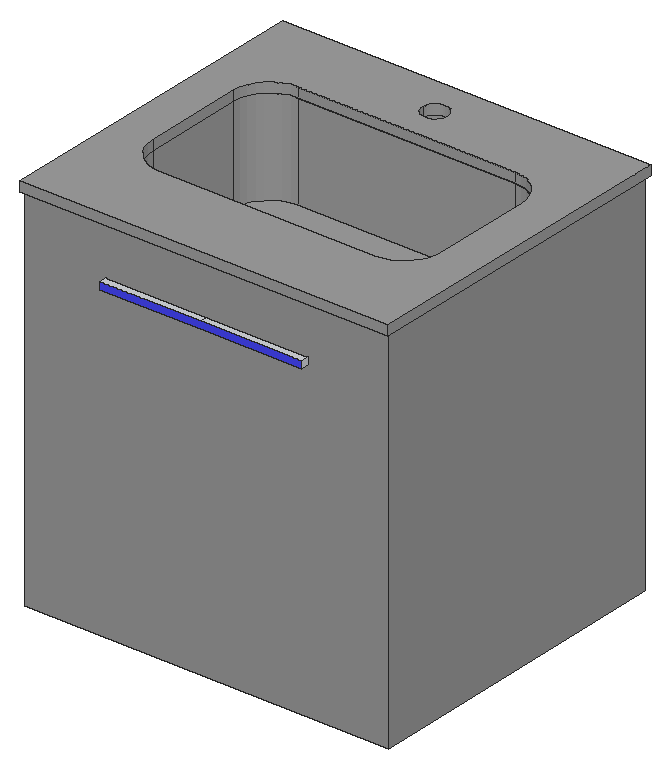
Revit family "MUEBLE ARIZONA-N LIGHT BROWN", category Plumbing Fixtures, Revit 2019
Family settings
  Round Connector Dimension = Use Diameter
  Part Type = Normal
  OmniClass Number = 23.45.00.00
  OmniClass Title = Sanitary, Laundry, and Cleaning Equipment
  Work Plane-Based = No
  Always vertical = Yes
  Cut with Voids When Loaded = No
  Shared = No
  Room Calculation Point = No
Reference planes
  plane 1 "Center (Front/Back)": y = 0
  plane 2: z = 0
  plane 3 "Center (Left/Right)": x = 0
Forms (mm)
  Extrusion 1, solid
    sketch origin (0, 0, 0) x (1, 0, 0) y (0, 1, 0)
      loop
        line (0, 0) -> (504, 0) -> (504, 445) -> (0, 445) -> (0, 0)
    from 0 to 515
  Extrusion 2, void
    sketch origin (0, 0, 0) x (1, 0, 0) y (0, 1, 0)
      loop
        line (402, 346) -> (102, 346)
        arc (102, 346) -> (66.645, 331.355) -> (52, 296) r 50
        line (52, 296) -> (52, 156)
        arc (52, 156) -> (66.645, 120.645) -> (102, 106) r 50
        line (102, 106) -> (402, 106)
        arc (402, 106) -> (437.355, 120.645) -> (452, 156) r 50
        line (452, 156) -> (452, 296)
        arc (452, 296) -> (437.355, 331.355) -> (402, 346) r 50
    from 381.531 to 528.686
  Extrusion 3, solid
    sketch origin (0, 0, 0) x (1, 0, 0) y (0, 1, 0)
      loop
        line (-2.803, -4.679) -> (507, -4.679) -> (507, 450) -> (-2.803, 450) -> (-2.803, -4.679)
    from 515 to 528.686
  Extrusion 4, void
    sketch origin (0, 0, 0) x (1, 0, 0) y (0, 1, 0)
      loop
        circle (252, 395.5) r 17.5
      loop
        circle (252, 226) r 30.25
    from 211.958 to 545.603
  Extrusion 5, solid
    sketch origin (0, 0, 0) x (1, 0, 0) y (0, 0, 1)
      loop
        line (252.098, 446.531) -> (112.098, 446.531) -> (112.098, 436.531) -> (252.098, 436.531) -> (392.098, 436.531) -> (392.098, 446.531) -> (252.098, 446.531)
    from 0 to 9.99
Cuts and joins
  Extrusion 2, Extrusion 4 cuts Extrusion 1
  Extrusion 2, Extrusion 4 cuts Extrusion 3
Dimensions and locks
  aligned and locked: level to plane 2
